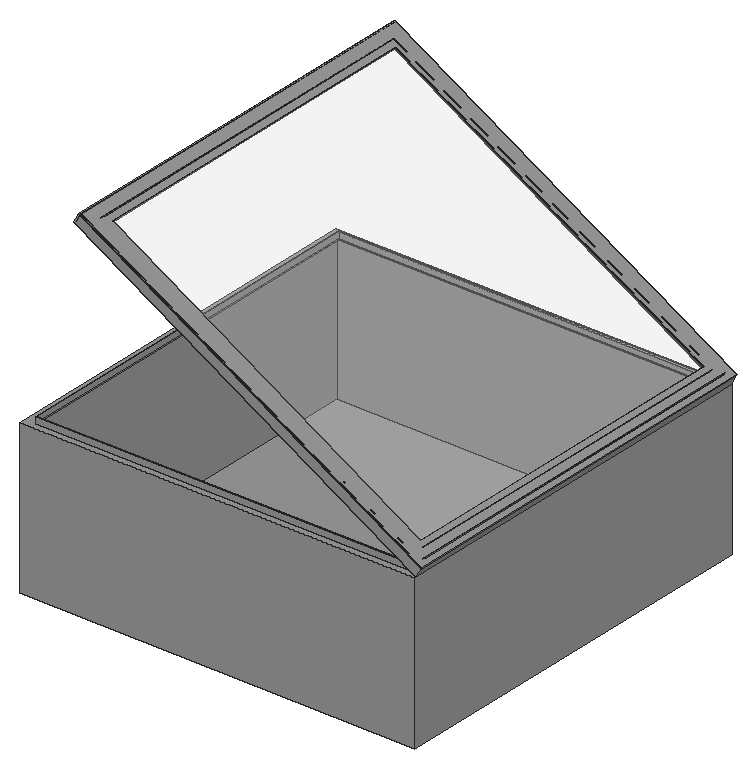
Revit family "Hager-Orion_Inox-IP66-D250-Cl.I-Inox_encl-630A-600mm-CH-de", category Electrical Equipment, host Face, Revit 2020
Family settings
  Host = Face
  Panel Configuration = Two Columns, Circuits Across
  Round Connector Dimension = Use Diameter
  Part Type = Panelboard
  Cut with Voids When Loaded = No
  Shared = No
  Room Calculation Point = No
Parameters (values of type "Aufputz IP66 B600 H600 T250  - FL029TWL")
  Width Control [instance] = if([EF000008 - Breite] > Min Width, [EF000008 - Breite], Min Width)  # 600 mm
  Type Comments = [HG000003 - Bereich]  # "Orion Inox"
  Thickness Door [instance] = if([EF009171 - Materialstärke Tür/Deckel] > 3 mm, 3 mm, [EF009171 - Materialstärke Tür/Deckel])  # 1.5 mm
  Seal Frame Offset [instance] = 17 mm  # constant formula
  Model = ""
  Min Width [instance] = 100 mm  # constant formula
  Min Height [instance] = 100 mm  # constant formula
  Min Depth [instance] = (2 * [EF009170 - Materialstärke Gehäuse]) + 1 mm  # 4 mm
  Internal Frame Depth [instance] = (Door System Depth * 0.5)  # 9 mm
  Height Control [instance] = if([EF000040 - Höhe] > Min Height, [EF000040 - Höhe], Min Height)  # 600 mm
  HG000027 - Sockelhöhe = 0 mm
  HG000026 - Stehend auf dem Boden = no
  HG000024 - Höhe des unteren Teils = 800 mm
  HG000023 - Gehäuse mit doppeltem Querschnitt = no
  HG000016 - 3D-Türsichtbarkeit [instance] = yes
  HG000015 - Sichtbarkeit der Türöffnung [instance] = no
  HG000014 - Tür rechts [instance] = yes
  HG000013 - Tür links [instance] = not([HG000014 - Tür rechts])  # no
  HG000012 - Türschwenkwinkel [instance] = 30.00°
  HG000010 - Asymmetrische Türen = no
  HG000009 - Doppelflügeligen Tür = no
  HG000006 - Unterputz = no
  HG000004 - Herstellerreferenz = "FL029TWL"
  HG000003 - Bereich = "Orion Inox"
  HG000002 - Mit tür = yes
  Frame Offset Bottom [instance] = 10 mm  # constant formula
  Frame Offset [instance] = 15 mm  # constant formula
  EF015940 - Deckel mit Überdruckentlastung = no
  EF011959 - Schutzart (NEMA) = ""
  EF009554 - Anzahl der Öffnungen für Flanschplatten = 0
  Manufacturer = "Hager"  # constant formula
  EF009212 - Ausführung Deckel = "EV000116 - geschlossen"
  EF009171 - Materialstärke Tür/Deckel = 1.5 mm
  EF009170 - Materialstärke Gehäuse = 1.5 mm
  EF008873 - Nennstrom (In) = 630 A
  EF007800 - Geeignet für Blitzschutz = no
  EF006306 - Mit Schloss = yes
  EF006244 - Transparenter Deckel/Tür = yes
  EF005474 - Schutzart (IP) = "EV006422 - IP66"
  EF004464 - Art der Tür = "EV002646 - Einzel"
  EF004427 - Anzahl der Module = 0
  EF004293 - Schlagfestigkeit = "EV006814 - IK08"
  EF003532 - Geeignet für Außengebrauch = yes
  EF002950 - Breite in Teilungseinheiten = 0
  EF001613 - Funktionserhalt = "EV000494 - ohne"
  EF001596 - Werkstoff des Gehäuses = "EV000166 - rostfreier Stahl"
  EF001131 - Innentiefe = 216 mm
  EF001088 - Anbaumöglichkeit = yes
  EF000437 - Anzahl der Leitungseinführungen = 0
  EF000339 - Art der Abdeckung = "EV004216 - Tür"
  EF000266 - Anzahl der Reihen = 0
  EF000218 - Einbautiefe = 0 mm
  EF000118 - Mit Montageplatte = no
  EF000116 - RAL-Nummer = ""
  EF000049 - Tiefe = 250 mm
  EF000040 - Höhe = 600 mm
  EF000008 - Breite = 600 mm
  EF000007 - Farbe = "EV000154 - sonstige"
  EF000003 - Montageart = "EV000384 - Aufputz"
  Door System Leaf Tolerance [instance] = 1.5 mm  # constant formula
  Door System Depth [instance] = 18 mm  # constant formula
  Depth Control [instance] = if([EF000049 - Tiefe] > Min Depth, [EF000049 - Tiefe], Min Depth)  # 250 mm
  Default Elevation = 0 mm
Types (4, lengths in mm): name | Width Control | HG000004 - Herstellerreferenz | EF009212 - Ausführung Deckel | EF006306 - Mit Schloss | EF006244 - Transparenter Deckel/Tür | EF004293 - Schlagfestigkeit | EF001613 - Funktionserhalt | EF000008 - Breite
  Aufputz IP66 B400 H600 T250  - FL029BW | 400 | "FL029BW" | "EV009916 - mit Ausschnitt" | no | no | "EV008784 - IK10" | "" | 400
  Aufputz IP66 B600 H600 T250  - FL029BWL | 600 | "FL029BWL" | "EV009916 - mit Ausschnitt" | no | no | "EV008784 - IK10" | "" | 600
  Aufputz IP66 B600 H600 T250  - FL029TW | 600 | "FL029TW" | "EV000116 - geschlossen" | yes | yes | "EV006814 - IK08" | "EV000494 - ohne" | 600
  Aufputz IP66 B600 H600 T250  - FL029TWL | 600 | "FL029TWL" | "EV000116 - geschlossen" | yes | yes | "EV006814 - IK08" | "EV000494 - ohne" | 600
Reference planes
  plane 1 "Center (Front/Back)": y = 0
  plane 2: z = 0
  plane 3 "Center (Left/Right)": x = 0
  plane 4: z = 250
  plane 5: y = 1.5
  plane 6: y = 300
  plane 7: y = 0
  plane 8: y = 600
  plane 9: z = 0
  plane 10: x = -285
  plane 11: x = 285
  plane 12: x = 283.5
  plane 13: x = -283.5
  plane 14: y = 598.5
  plane 15: x = -283
  plane 16: x = -300
  plane 17: x = 283
  plane 18: x = 300
  plane 19: x = 298.5
  plane 20: x = -298.5
  plane 21: y = 11.5
  plane 22: y = 600
  plane 23: y = 583.5
  plane 24: z = 232
  plane 25: z = 1.5
  plane 26: z = 230.5
  plane 27: z = 248.5
Forms (mm)
  Extrusion 1, solid, material "Hager_Stainless_Steel", detail levels medium+fine
    sketch origin (0, 0, 0) x (1, 0, 0) y (0, 1, 0)
      loop
        line (-300, 0) -> (300, 0) -> (300, 600) -> (-300, 600) -> (-300, 0)
    from 0 to 232
  Extrusion 2, solid, material "Hager_Steel_RAL 7035_Light_Grey", not visible, detail levels medium+fine
    sketch origin (0, 28.16, 50.802) x (0, 1, 0) y (0, 0, 1)
      loop
        line (323.34, -50.802) -> (323.34, 187.698)
        arc (323.34, 187.698) -> (320.411, 194.769) -> (313.34, 197.698) r 10
        line (313.34, 197.698) -> (283.34, 197.698) -> (283.34, -50.802) -> (323.34, -50.802)
    from -298.5 to 298.5
  Extrusion 3, void
    sketch origin (0, 0, 0) x (1, 0, 0) y (0, 1, 0)
      loop
        line (-298.5, 1.5) -> (298.5, 1.5) -> (298.5, 598.5) -> (-298.5, 598.5) -> (-298.5, 1.5)
    from 1.5 to 230.5
  Extrusion 4, void
    sketch origin (-381.607, -4572, 232) x (0, -1, 0) y (-1, 0, 0)
      loop
        line (-4583.5, -98.107) -> (-5155.5, -98.107) -> (-5155.5, -665.107) -> (-4583.5, -665.107) -> (-4583.5, -98.107)
    from 0 to 1.5 <- "EF009170 - Materialstärke Gehäuse"
  Extrusion 5, solid, material "Hager_Stainless_Steel", detail levels fine
    sketch origin (-381.607, -4572, 232) x (-1, 0, 0) y (0, -1, 0)
      loop
        line (-98.107, -4583.5) -> (-665.107, -4583.5) -> (-665.107, -5155.5) -> (-98.107, -5155.5) -> (-98.107, -4583.5)
      loop
        line (-97.107, -4582) -> (-666.107, -4582) -> (-666.107, -5157) -> (-97.107, -5157) -> (-97.107, -4582)
    from 0 to 9 <- "Internal Frame Depth"
  Extrusion 6, solid, material "Hager_Stainless_Steel", detail levels coarse
    sketch origin (0, 0, 0) x (1, 0, 0) y (0, 1, 0)
      loop
        line (-300, 0) -> (300, 0) -> (300, 600) -> (-300, 600) -> (-300, 0)
    from 0 to 250
Cuts and joins
  Extrusion 3, Extrusion 4 cuts Extrusion 1
Lines and regions (mm)
  Masking region 1
    outline origin (0, 0, 0) x (1, 0, 0) y (0, 0, 1)
      loop
        line (-300, 250) -> (-300, 0) -> (300, 0) -> (300, 250) -> (-300, 250)
  Masking region 2, detail levels medium+fine
    outline origin (0, 140, 0) x (0, 1, 0) y (0, 0, 1)
      loop
        line (-140, 0) -> (460, 0) -> (460, 232) -> (-140, 232) -> (-140, 0)
  Masking region 3, not visible, detail levels medium+fine
    outline origin (0, 297.922, 0) x (0, 1, 0) y (0, 0, 1)
      loop
        line (13.578, 0) -> (53.578, 0) -> (53.578, 238.5)
        arc (53.578, 238.5) -> (50.649, 245.571) -> (43.578, 248.5) r 10
        line (43.578, 248.5) -> (13.578, 248.5) -> (13.578, 0)
  Masking region 4, detail levels coarse
    outline origin (0, 0, 180) x (0, 1, 0) y (0, 0, 1)
      loop
        line (0, -180) -> (600, -180) -> (600, 70) -> (0, 70) -> (0, -180)
  Masking region 5
    outline origin (-381.607, -4572, 232) x (-1, 0, 0) y (0, -1, 0)
      loop
        line (-81.607, -5172) -> (-81.607, -4572) -> (-681.607, -4572) -> (-681.607, -5172) -> (-81.607, -5172)
Dimensions and locks
  "Depth Control": plane 4 to host face
  "EF009170 - Materialstärke Gehäuse": plane 5 to plane 7
  locked: connector elem to plane 3 "Center (Left/Right)"
  equal spacing: plane 8, plane 6, plane 7
  locked: connector elem to plane 6
  "EF009170 - Materialstärke Gehäuse": plane 8 to plane 14
  "EF009170 - Materialstärke Gehäuse": plane 10 to plane 13
  "EF009170 - Materialstärke Gehäuse": plane 12 to plane 11
  "Frame Offset": plane 20 to plane 13
  "Frame Offset": plane 12 to plane 19
  "EF009170 - Materialstärke Gehäuse": plane 16 to plane 20
  "EF009170 - Materialstärke Gehäuse": plane 19 to plane 18
  "Seal Frame Offset": plane 16 to plane 15
  "Seal Frame Offset": plane 17 to plane 18
  "Frame Offset Bottom": plane 21 to plane 5
  "Frame Offset": plane 14 to plane 23
  equal spacing: plane 16, plane 3 "Center (Left/Right)", plane 18
  "Width Control": plane 16 to plane 18
  "EF009170 - Materialstärke Gehäuse": plane 4 to plane 27
  "EF009170 - Materialstärke Gehäuse": plane 24 to plane 26
  "EF009170 - Materialstärke Gehäuse": plane 25 to level
  "Door System Depth": plane 4 to plane 24
  "Height Control": plane 1 "Center (Front/Back)" to Extrusion 6 sketch curve
  "Height Control": Masking region 4 sketch curve to plane 1 "Center (Front/Back)"
  "Thickness Door": Extrusion 5 sketch curve to plane 15
  "Thickness Door": plane 21 to Extrusion 5 sketch curve
  "Thickness Door": plane 17 to Extrusion 5 sketch curve
  "Thickness Door": Extrusion 5 sketch curve to plane 23
  "Height Control": plane 1 "Center (Front/Back)" to plane 22
  radius of Masking region 3 sketch curve = 10 mm
  radius of Extrusion 2 sketch curve = 10 mm
  aligned and locked: plane 2 to host face
  aligned and locked: level to host face
  aligned and locked: level to Masking region 1 sketch curve
  aligned and locked: Masking region 1 sketch curve to plane 18
  aligned and locked: Masking region 1 sketch curve to plane 16
  aligned and locked: plane 7 to Masking region 2 sketch curve
  aligned and locked: level to Masking region 3 sketch curve
  aligned and locked: Masking region 3 sketch curve to plane 27
  aligned and locked: level to Masking region 2 sketch curve
  aligned and locked: Extrusion 1 sketch curve to plane 7
  aligned and locked: plane 16 to Extrusion 1 sketch curve
  aligned and locked: plane 18 to Extrusion 1 sketch curve
  aligned and locked: Extrusion 2 sketch curve to level
  aligned and locked: plane 27 to Extrusion 2 sketch curve
  aligned and locked: plane 20 to Extrusion 2
  aligned and locked: plane 19 to Extrusion 2
  aligned and locked: plane 20 to Extrusion 3 sketch curve
  aligned and locked: plane 19 to Extrusion 3 sketch curve
  aligned and locked: Extrusion 3 sketch curve to plane 5
  aligned and locked: Extrusion 3 to plane 25
  aligned and locked: plane 26 to Extrusion 3
  aligned and locked: plane 24 to Extrusion 1
  aligned and locked: Extrusion 4 sketch curve to plane 21
  aligned and locked: Extrusion 4 sketch curve to plane 13
  aligned and locked: Extrusion 4 sketch curve to plane 12
  aligned and locked: plane 18 to Extrusion 6 sketch curve
  aligned and locked: plane 1 "Center (Front/Back)" to Extrusion 6 sketch curve
  aligned and locked: plane 16 to Extrusion 6 sketch curve
  aligned and locked: plane 4 to Extrusion 6
  aligned and locked: Extrusion 6 to level
  aligned and locked: level to Masking region 4 sketch curve
  aligned and locked: Masking region 4 sketch curve to plane 1 "Center (Front/Back)"
  aligned and locked: Masking region 4 sketch curve to plane 4
  aligned and locked: nested 1 to level
  aligned and locked: nested 1 to plane 16
  aligned and locked: plane 8 to Extrusion 1 sketch curve
  aligned and locked: plane 23 to Extrusion 4 sketch curve
  aligned and locked: plane 14 to Extrusion 3 sketch curve
  aligned and locked: Extrusion 5 sketch curve to plane 21
  aligned and locked: plane 13 to Extrusion 5 sketch curve
  aligned and locked: plane 23 to Extrusion 5 sketch curve
  aligned and locked: plane 12 to Extrusion 5 sketch curve
  aligned and locked: Masking region 2 sketch curve to plane 8
  aligned and locked: Masking region 2 sketch curve to plane 24
  aligned and locked: nested 2 to plane 3 "Center (Left/Right)"
  aligned and locked: nested 2 to plane 24
  aligned and locked: Masking region 5 sketch curve to plane 1 "Center (Front/Back)"
  aligned and locked: Masking region 5 sketch curve to plane 18
  aligned and locked: Masking region 5 sketch curve to plane 22
  aligned and locked: Masking region 5 sketch curve to plane 16
  aligned and locked: plane 8 to plane 22
  aligned and locked: plane 7 to plane 1 "Center (Front/Back)"
  aligned and locked: nested 2 to plane 1 "Center (Front/Back)"
Automatic sketch dimensions
  host sketch curve to host sketch curve = 1469.727 mm
  host sketch curve to host sketch curve = 2116.445 mm
  plane 6 to Masking region 3 sketch curve = 11.5 mm
  Masking region 3 sketch curve to Masking region 3 sketch curve = 30 mm
  plane 6 to Extrusion 2 sketch curve = 11.5 mm
  Extrusion 2 sketch curve to Extrusion 2 sketch curve = 30 mm
  Masking region 1 sketch curve to plane 4 = 0 mm
Nested families
  nested 1: "Hager_Enclosure_Symbol" at (-300, 0, 0) x (1, 0, 0) z (0, -1, 0), Height <- "Depth Control", Width <- "Width Control", type "Hager_Enclosure_Symbol"
    with Width_Ctrl 600 mm, Width 600 mm, Height_Ctrl 250 mm, Height 250 mm, A_Width_Int 16.406 mm, A_Width 196.875 mm, A_Height_Ctrl 218.75 mm, A_Height 218.75 mm
  nested 2: "EC000058_OrionInox_Door" at (0, 600, 232) x (1, 0, 0) z (0, -1, 0), Leaf_Tolerance <- "Door System Leaf Tolerance", Angle <- "HG000012 - Türschwenkwinkel", Door_Depth <- "Door System Depth", Door_Left <- "HG000013 - Tür links", Transparent <- "EF006244 - Transparenter Deckel/Tür", Assymetrical <- "HG000010 - Asymmetrische Türen", Width <- "Width Control", Clearance <- "HG000015 - Sichtbarkeit der Türöffnung", Double <- "HG000009 - Doppelflügeligen Tür", 3d_Door <- "HG000016 - 3D-Türsichtbarkeit", Width_Ctrl <- "Width Control", Door_Right <- "HG000014 - Tür rechts", Door <- "HG000002 - Mit tür", Height <- "Height Control", Thickness <- "Thickness Door", type "EC000058_OrionInox_Door", detail levels medium+fine
    with min_wh 4 mm, Width_Ctrl 600 mm, Width 600 mm, Transparent yes, Thickness 1.5 mm, Seal_Material Hager_Rubber, Leaf_Width 600 mm, Leaf_Tolerance_External_Sides 0 mm, Leaf_Tolerance 1.5 mm, Leaf_Offset 0 mm, Leaf_Height 597 mm, Leaf_2_Width 600 mm, Leaf_2_Offset 300 mm, Leaf_1_Width 600 mm, Leaf_1_Offset 300 mm, Height_Ctrl 600 mm, Height 600 mm, Glass_Material Hager_Glass, Double_Clearance_Ctrl no, Double no, Door_Right_Ctrl yes, Door_Right yes, Door_Material Hager_Stainless_Steel, Door_Left_Ctrl no, Door_Left no, Door_Depth 18 mm, Door yes, Clearance_Material Hager_Clearance, Clearance_Depth 600 mm, Clearance_Ctrl no, Clearance no, Assymetrical no, Angle 30.00°, 3d_Door yes
Connectors
  electrical at (0, 300, 0)
    settings: on plane 9, index 1, voltage 0 V, apparent load 0 VA, apparent load phase1 0 VA, apparent load phase2 0 VA, apparent load phase3 0 VA, power factor 1, load classification "Other", number of poles 1, system type 30, power factor state 1, is connector primary yes, connector utility no, sub classification motor no, connector description ""
Definition of nested family "EC000058_OrionInox_Door"
  Parameters (values of type "EC000058_OrionInox_Door")
    min_wh [instance] = (2 * Thickness) + 1 mm  # 11 mm
    Width_Ctrl [instance] = 400 mm
    Width [instance] = 500 mm
    Transparent [instance] = yes
    Thickness [instance] = 5 mm
    Seal_Material [instance] = none
    Leaf_Width [instance] = if((Width_Ctrl - 2 * Leaf_Tolerance_External_Sides) > 0 mm, (Width_Ctrl - 2 * Leaf_Tolerance_External_Sides), min_wh)  # 400 mm
    Leaf_Tolerance_External_Sides [instance] = 0 mm  # constant formula
    Leaf_Tolerance [instance] = 1.5 mm
    Leaf_Offset [instance] = 0 mm  # constant formula
    Leaf_Height [instance] = if((Height_Ctrl - 2 * Leaf_Tolerance) > 0 mm, (Height_Ctrl - 2 * Leaf_Tolerance), min_wh)  # 497 mm
    Leaf_2_Width [instance] = if(and(and(Double, Assymetrical), Door_Left), (Leaf_Width / 3) - (Leaf_Tolerance / 2), if(and(and(Double, Assymetrical), Door_Right), (Leaf_Width / 3) * 2 - (Leaf_Tolerance / 2), if(and(Double, not(Assymetrical)), (Leaf_Width / 2) - Leaf_Tolerance, Leaf_Width)))  # 400 mm
    Leaf_2_Offset [instance] = if(and(Double, Assymetrical), Leaf_2_Width / 2, if(and(Double, not(Assymetrical)), Leaf_Width / 4, Leaf_Width / 2))  # 200 mm
    Leaf_1_Width [instance] = if(and(and(Double, Assymetrical), Door_Right), (Leaf_Width / 3) - (Leaf_Tolerance / 2), if(and(and(Double, Assymetrical), Door_Left), (Width / 3) * 2 - (Leaf_Tolerance / 2), if(and(Double, not(Assymetrical)), (Leaf_Width / 2) - Leaf_Tolerance, Leaf_Width)))  # 400 mm
    Leaf_1_Offset [instance] = if(and(Double, Assymetrical), Leaf_1_Width / 2, if(and(Double, not(Assymetrical)), Leaf_Width / 4, Leaf_Width / 2))  # 200 mm
    Height_Ctrl [instance] = if(Height > min_wh, Height, min_wh)  # 500 mm
    Height [instance] = 500 mm
    Glass_Material [instance] = none
    Double_Clearance_Ctrl [instance] = and(Double, Clearance)  # no
    Double [instance] = no
    Door_Right_Ctrl [instance] = and(or(Door_Right, Double), Door)  # yes
    Door_Right [instance] = yes
    Door_Material [instance] = none
    Door_Left_Ctrl [instance] = and(or(Door_Left, Double), Door)  # no
    Door_Left [instance] = no
    Door_Depth [instance] = 30 mm
    Door [instance] = yes
    Default Elevation = 1219.2 mm
    Clearance_Material [instance] = none
    Clearance_Depth [instance] = if(Leaf_1_Width > Leaf_2_Width, Leaf_1_Width, Leaf_2_Width)  # 400 mm
    Clearance_Ctrl [instance] = and(not(Double), Clearance)  # yes
    Clearance [instance] = yes
    Assymetrical [instance] = yes
    Angle [instance] = 30.00°
    3d_Door [instance] = yes
  Reference planes
    plane 1 "Center (Front/Back)": y = 0
    plane 2 "Bottom": z = 0
    plane 3 "Center (Left/Right)": x = 0
    plane 4: z = 500
    plane 5: x = -200
    plane 6: x = 200
    plane 7: z = 500
    plane 8: x = -200
    plane 9: z = 0
    plane 10: x = 200
    plane 11: y = 0
    plane 12: z = 1.5
    plane 13: x = -600
    plane 14: y = -400
    plane 15: x = 600
    plane 16: x = 0
    plane 17: x = 0
    plane 18: x = -200
    plane 19: x = 200
    plane 20: z = 498.5
  Forms (mm)
    Extrusion 1, solid, material <- "Clearance_Material", visible <- "Double_Clearance_Ctrl"
      sketch origin (1200, 0, 0) x (1, 0, 0) y (0, 0, -1)
        loop
          line (-1800, -498.5) -> (-600, -498.5) -> (-600, 0) -> (-1800, 0) -> (-1800, -498.5)
      from 0 to -400
  Dimensions and locks
    equal spacing: plane 5, plane 3 "Center (Left/Right)", plane 6
    "Width_Ctrl": plane 5 to plane 6
    "Leaf_Offset": plane 5 to plane 8
    "Leaf_Offset": plane 6 to plane 10
    "Leaf_Offset": plane 9 to level
    "Leaf_Offset": plane 4 to plane 7
    "Height_Ctrl": plane 4 to level
    "Leaf_Tolerance": plane 12 to plane 9
    locked: plane 11 to plane 1 "Center (Front/Back)"
    "Leaf_1_Offset": plane 18 to plane 16
    "Leaf_2_Offset": plane 17 to plane 19
    "Leaf_1_Width": plane 13 to plane 8
    "Leaf_2_Width": plane 10 to plane 15
    "Clearance_Depth": plane 14 to plane 1 "Center (Front/Back)"
    "Leaf_Tolerance_External_Sides": plane 8 to plane 18
    "Leaf_Tolerance_External_Sides": plane 19 to plane 10
    "Leaf_Tolerance": plane 7 to plane 20
    aligned and locked: level to plane 2 "Bottom"
    aligned and locked: nested 1 to plane 16
    aligned and locked: nested 2 to plane 17
    aligned and locked: Extrusion 1 to plane 13
    aligned and locked: plane 15 to Extrusion 1
    aligned and locked: Extrusion 1 to plane 14
    aligned and locked: plane 12 to nested 1
    aligned and locked: nested 2 to plane 12
    aligned and locked: Extrusion 1 to plane 11
    aligned and locked: plane 20 to Extrusion 1
    aligned and locked: nested 2 to plane 11
    aligned and locked: nested 1 to plane 11
  Automatic sketch dimensions
    Extrusion 1 sketch curve to level = 0 mm
    plane 5 to Extrusion 1 sketch curve = 400 mm
    plane 6 to Extrusion 1 sketch curve = 400 mm
    Extrusion 1 sketch curve to plane 4 = 1.5 mm
  Nested families
    nested 1: "EC000058_OrionInox_Door_Leaf" at (0, 0, 1.5), Width <- "Leaf_1_Width", visible <- "Door_Left_Ctrl", Leaf_Height <- "Leaf_Height", Angle <- "Angle", 3d_Door <- "3d_Door", Transparent <- "Transparent", Clearance Material <- "Clearance_Material", Clearance <- "Clearance_Ctrl", Door_Material <- "Door_Material", Glass_Material <- "Glass_Material", Door_Depth <- "Door_Depth", Seal_Material <- "Seal_Material", Thickness <- "Thickness", type "EC000058_OrionInox_Door_Leaf"
      with Width 400 mm, Transparent_Ctrl yes, Transparent yes, Thickness 5 mm, Standard no, Seal_Material none, Seal_D2 8 mm, Seal_D1 1 mm, Offset_Internal_Frame 10 mm, Lock_Width 28 mm, Lock_Thickness 2 mm, Lock_Radius 6 mm, Leaf_Height 497 mm, Internal_Seal_Thickness 8 mm, Internal_Seal_Depth_2 4.5 mm, Internal_Frame_Depth 25 mm, Glass_Thickness -1 mm, Glass_Offset -2 mm, Glass_Material none, Door_Material none, Door_Depth 30 mm, Clearance Material none, Clearance yes, Angle_Ctrl 30.00°, Angle 30.00°, 3d_Door yes
    nested 2: "EC000058_OrionInox_Door_Leaf" at (0, 0, 1.5) x (-1, 0, 0) z (0, 0, 1), Width <- "Leaf_2_Width", visible <- "Door_Right_Ctrl", Leaf_Height <- "Leaf_Height", Angle <- "Angle", 3d_Door <- "3d_Door", Transparent <- "Transparent", Clearance Material <- "Clearance_Material", Clearance <- "Clearance_Ctrl", Door_Material <- "Door_Material", Glass_Material <- "Glass_Material", Door_Depth <- "Door_Depth", Seal_Material <- "Seal_Material", Thickness <- "Thickness", type "EC000058_OrionInox_Door_Leaf"
      with Width 400 mm, Transparent_Ctrl yes, Transparent yes, Thickness 5 mm, Standard no, Seal_Material none, Seal_D2 8 mm, Seal_D1 1 mm, Offset_Internal_Frame 10 mm, Lock_Width 28 mm, Lock_Thickness 2 mm, Lock_Radius 6 mm, Leaf_Height 497 mm, Internal_Seal_Thickness 8 mm, Internal_Seal_Depth_2 4.5 mm, Internal_Frame_Depth 25 mm, Glass_Thickness -1 mm, Glass_Offset -2 mm, Glass_Material none, Door_Material none, Door_Depth 30 mm, Clearance Material none, Clearance yes, Angle_Ctrl 30.00°, Angle 30.00°, 3d_Door yes
  Definition of nested family "EC000058_OrionInox_Door_Leaf"
    Parameters (values of type "EC000058_OrionInox_Door_Leaf")
      Width [instance] = 450 mm
      Transparent_Ctrl [instance] = and(Transparent, [3d_Door])  # yes
      Transparent [instance] = yes
      Thickness [instance] = 5 mm
      Standard [instance] = and(not(Transparent), [3d_Door])  # no
      Seal_Material [instance] = none
      Seal_D2 [instance] = 8 mm  # constant formula
      Seal_D1 [instance] = 1 mm  # constant formula
      Offset_Internal_Frame [instance] = 10 mm  # constant formula
      Lock_Width [instance] = Door_Depth - Lock_Thickness  # 28 mm
      Lock_Thickness [instance] = 2 mm  # constant formula
      Lock_Radius [instance] = 6 mm  # constant formula
      Leaf_Height [instance] = 450 mm
      Internal_Seal_Thickness [instance] = 8 mm  # constant formula
      Internal_Seal_Depth_2 [instance] = 4.5 mm  # constant formula
      Internal_Frame_Depth [instance] = if(Door_Depth - Thickness > 5 mm, Door_Depth - Thickness, 5 mm)  # 25 mm
      Glass_Thickness [instance] = if(Thickness > 15 mm, Glass_Offset + 10 mm, -1 mm)  # -1 mm
      Glass_Offset [instance] = if(Thickness > 15 mm, -(Thickness + 10 mm) / 2, -2 mm)  # -2 mm
      Glass_Material [instance] = none
      Door_Material [instance] = none
      Door_Depth [instance] = 30 mm
      Default Elevation = 0 mm
      Clearance Material [instance] = none
      Clearance [instance] = yes
      Angle_Ctrl [instance] = if(Angle > 180.00°, 180.00°, Angle)  # 90.00°
      Angle [instance] = 90.00°
      3d_Door [instance] = yes
    Reference planes
      plane 1 "Center (Front/Back)": y = 0
      plane 2: z = 0
      plane 3 "Center (Left/Right)": x = 0
      plane 4: y = 450
      plane 5: x = -225
      plane 6: x = 225
      plane 7: x = -675
      plane 8: z = 450
      plane 9: z = 30
      plane 10: z = 420
      plane 11: x = 195
      plane 12: x = -195
      plane 13: y = -3
      plane 14: z = 107.833
      plane 15: y = -5
      plane 16: y = -223.314
      plane 17: x = -225
      plane 18: y = 30
    Forms (mm)
      Extrusion 1, solid, material <- "Clearance Material", visible <- "Clearance"
        sketch origin (0, 0, 0) x (1, 0, 0) y (0, 0, 1)
          loop
            line (-675, 450) -> (-675, 0) -> (225, 0) -> (225, 450) -> (-675, 450)
        from 0 to -450
      Extrusion 2, solid, material <- "Door_Material", visible <- "Standard", detail levels medium+fine
        sketch origin (-225, 0, 0) x (0, 1, 0) y (-1, 0, 0)
          loop
            line (0, 30) -> (0, 25) -> (450, 25) -> (450, 30) -> (0, 30)
        from 0 to 450 <- "Leaf_Height"
      Extrusion 3, solid, material <- "Door_Material", visible <- "Transparent_Ctrl", detail levels medium+fine
        sketch origin (-225, 0, 0) x (0, 1, 0) y (-1, 0, 0)
          loop
            line (0, 25) -> (450, 25) -> (450, 30) -> (0, 30) -> (0, 25)
        from 0 to 450 <- "Leaf_Height"
      Extrusion 4, void
        sketch origin (-250, 450, 0) x (0, 1, 0) y (0, 0, -1)
          loop
            line (-30, -420) -> (-30, -30) -> (-420, -30) -> (-420, -420) -> (-30, -420)
        from 0 to 5 <- "Thickness"
      Sweep 5, solid, material <- "Seal_Material", visible <- "Transparent_Ctrl", detail levels fine
        path in 3D
          loop
            line (-250, 30, 30) -> (-250, 30, 420) -> (-250, 420, 420) -> (-250, 420, 30) -> (-250, 30, 30)
        profile origin (-250, 225, 30) x (1, 0, 0) y (0, 0, 1)
          loop
            line (0, 0) -> (0, -8) -> (1, -8) -> (1, 0) -> (0, 0)
      Extrusion 6, solid, material <- "Glass_Material", visible <- "Transparent_Ctrl", detail levels medium+fine
        sketch origin (-255, 0, 0) x (0, 1, 0) y (0, 0, -1)
          loop
            line (420, -420) -> (420, -30) -> (30, -30) -> (30, -420) -> (420, -420)
        from -2 <- "Glass_Offset" to -1 <- "Glass_Thickness"
      Extrusion 7, solid, material <- "Door_Material", visible <- "3d_Door", detail levels medium+fine
        sketch origin (-250, 450, 0) x (0, -1, 0) y (0, 0, -1)
          loop
            line (0, -450) -> (450, -450) -> (450, 0) -> (0, 0) -> (0, -450)
          loop
            line (445, -5) -> (5, -5) -> (5, -445) -> (445, -445) -> (445, -5)
        from 0 to 25 <- "Internal_Frame_Depth"
      Sweep 8, solid, material <- "Seal_Material", visible <- "Transparent_Ctrl", detail levels fine
        path in 3D
          loop
            line (-250, 0, 0) -> (-250, 450, 0) -> (-250, 450, 450) -> (-250, 0, 450) -> (-250, 0, 0)
        profile origin (-250, 0, 225) x (1, 0, 0) y (0, 1, 0)
          loop
            line (0, 10) -> (2.975, 10)
            arc (2.975, 10) -> (4.053, 10.447) -> (4.5, 11.525) r 1.525
            line (4.5, 11.525) -> (4.5, 16.527)
            arc (4.5, 16.527) -> (4.069, 17.569) -> (3.027, 18) r 1.473
            line (3.027, 18) -> (0, 18) -> (0, 10)
    Cuts and joins
      Extrusion 4 cuts Extrusion 3
    Lines and regions (mm)
      Masking region 1, detail levels medium+fine
        outline origin (0, 0, 0) x (0, 1, 0) y (0, 0, 1)
          loop
            line (0, 0) -> (30, 0) -> (30, 450) -> (0, 450) -> (0, 0)
      Masking region 2, detail levels medium+fine
        outline origin (0, 0, 0) x (1, 0, 0) y (0, 0, 1)
          loop
            line (-225, 450) -> (-225, 0) -> (225, 0) -> (225, 450) -> (-225, 450)
      symbolic lines
        curve 1: line (225, 0, 0) -> (-675, 0, 0)
        curve 2: arc (225, 0, 0) -> (-225, 450, 0) -> (-675, 0, 0) r 450
        curve 4: line (-255, 0, 0) -> (-255, 450, 0)
      reference lines
        curve 3: line (-225, 0, 0) -> (-225, 450, 0)
      symbolic lines, detail levels medium+fine
        curve 5: line (-255, 450, 0) -> (-250, 450, 0)
        curve 7: line (-250, 0, 0) -> (-255, 0, 0)
        curve 8: line (-250, 0, 0) -> (-225, 0, 0)
        curve 9: line (-225, 0, 0) -> (-225, 450, 0)
        curve 10: line (-225, 450, 0) -> (-250, 450, 0)
      symbolic lines, detail levels fine
        curve 6: line (-250, 450, 0) -> (-250, 0, 0)
      sketch lines
        curve 11: line (-250, 0, 450) -> (-250, 0, 0)
        curve 12: line (-250, 450, 0) -> (-250, 0, 0)
        curve 13: line (-250, 450, 450) -> (-250, 450, 0)
        curve 14: line (-250, 0, 450) -> (-250, 450, 450)
        curve 15: line (-250, 420, 30) -> (-250, 30, 30)
        curve 16: line (-250, 30, 30) -> (-250, 30, 420)
        curve 17: line (-250, 420, 420) -> (-250, 420, 30)
        curve 18: line (-250, 30, 420) -> (-250, 420, 420)
      symbolic lines, visible <- "Transparent", detail levels medium+fine
        curve 19: line (-195, 0, 420) -> (195, 0, 420)
        curve 20: line (-195, 0, 30) -> (-195, 0, 420)
        curve 21: line (195, 0, 30) -> (-195, 0, 30)
        curve 22: line (195, 0, 420) -> (195, 0, 30)
    Dimensions and locks
      "Width": plane 1 "Center (Front/Back)" to plane 4
      equal spacing: plane 5, plane 3 "Center (Left/Right)", plane 6
      "Width": plane 5 to plane 6
      "Width": plane 7 to plane 5
      "Leaf_Height": plane 8 to level
      "Width": curve 5 to curve 3
      "Width": curve 3 to curve 3
      plane 8 to plane 10 = 30 mm
      plane 9 to level = 30 mm
      plane 12 to plane 5 = 30 mm
      plane 6 to plane 11 = 30 mm
      Extrusion 4 sketch curve to Extrusion 3 = 30 mm
      Extrusion 3 to Extrusion 4 sketch curve = 30 mm
      Extrusion 1 to Extrusion 4 sketch curve = 30 mm
      curve 3 to Extrusion 4 sketch curve = 30 mm
      Extrusion 4 sketch curve to cut or joined group of Extrusion 3, Extrusion 4 = 30 mm
      cut or joined group of Extrusion 3, Extrusion 4 to Extrusion 6 sketch curve = 30 mm
      cut or joined group of Extrusion 3, Extrusion 4 to Extrusion 4 sketch curve = 30 mm
      "Thickness": curve 6 to curve 4
      "Thickness": Extrusion 7 sketch curve to Extrusion 7 sketch curve  (x4)
      "Door_Depth": curve 4 to curve 3
      "Offset_Internal_Frame": profile plane to Sweep 8 sketch curve
      "Internal_Seal_Thickness": Sweep 8 sketch curve to Sweep 8 sketch curve
      "Internal_Seal_Depth_2": profile plane to Sweep 8 sketch curve
      "Seal_D1": profile plane to Sweep 5 sketch curve
      "Seal_D2": profile plane to Sweep 5 sketch curve
      "Thickness": Extrusion 2 sketch curve to Extrusion 2 sketch curve
      "Door_Depth": plane 18 to plane 1 "Center (Front/Back)"
      radius of Sweep 8 sketch curve = 1.525 mm
      radius of Sweep 8 sketch curve = 1.473 mm
      "Angle_Ctrl": angle plane 1 "Center (Front/Back)" to curve 3
      aligned and locked: level to plane 2
      aligned and locked: Extrusion 1 to curve 1
      aligned and locked: plane 6 to Extrusion 1
      aligned and locked: plane 1 "Center (Front/Back)" to Extrusion 1
      aligned and locked: plane 4 to Extrusion 1
      aligned and locked: plane 8 to Extrusion 1
      aligned and locked: curve 7 to Extrusion 2 sketch curve
      aligned and locked: curve 5 to Extrusion 2 sketch curve
      aligned and locked: curve 7 to Extrusion 3 sketch curve
      aligned and locked: Extrusion 3 sketch curve to curve 4
      aligned and locked: Extrusion 3 sketch curve to curve 6
      aligned and locked: Extrusion 3 sketch curve to curve 5
      aligned and locked: curve 9 to curve 3
      aligned and locked: Extrusion 7 sketch curve to cut or joined group of Extrusion 3, Extrusion 4  (x4)
      aligned and locked: plane 17 to curve 3
      aligned and locked: plane 1 "Center (Front/Back)" to curve 3
      aligned and locked: plane 17 to plane 5
      aligned and locked: Sweep 8 sketch curve to profile plane
      aligned and locked: Sweep 5 sketch curve to profile plane  (x2)
      aligned and locked: plane 1 "Center (Front/Back)" to Masking region 1 sketch curve
      aligned and locked: plane 18 to Masking region 1 sketch curve
      aligned and locked: level to Masking region 1 sketch curve
      aligned and locked: Masking region 1 sketch curve to plane 8
      aligned and locked: plane 17 to Masking region 2 sketch curve
      aligned and locked: level to Masking region 2 sketch curve
      aligned and locked: Masking region 2 sketch curve to plane 8
      aligned and locked: plane 12 to curve 20
      aligned and locked: plane 10 to curve 19
      aligned and locked: plane 11 to curve 22
      aligned and locked: plane 9 to curve 21
      aligned and locked: Extrusion 2 sketch curve to cut or joined group of Extrusion 3, Extrusion 4
    Automatic sketch dimensions
      plane 1 "Center (Front/Back)" to curve 2 = 0 mm
      curve 2 to plane 5 = 0 mm
      Extrusion 1 sketch curve to level = 0 mm
      Extrusion 1 sketch curve to plane 7 = 0 mm
      Extrusion 1 sketch curve to plane 6 = 0 mm
      Extrusion 1 sketch curve to plane 8 = 0 mm
      Extrusion 3 to Extrusion 6 sketch curve = 30 mm  (x4)
      Masking region 2 sketch curve to plane 6 = 0 mm
      curve 4 to curve 3 = 0 mm
Definition of nested family "Hager_Enclosure_Symbol"
  Parameters (values of type "Hager_Enclosure_Symbol")
    Width_Ctrl [instance] = if(Width > 1 mm, Width, 1 mm)  # 102.27 mm
    Width [instance] = 102.27 mm
    Height_Ctrl [instance] = if(Height > 1 mm, Height, 1 mm)  # 66.5 mm
    A_Width_Int [instance] = if(A_Width / 12 > 2 mm, A_Width / 12, 2 mm)  # 4.364 mm
    A_Width [instance] = if(A_Height_Ctrl * 0.9 > 2 mm, A_Height_Ctrl * 0.9, 2 mm)  # 52.369 mm
    A_Height_Ctrl [instance] = if(A_Height > 2 mm, A_Height, 2 mm)  # 58.188 mm
    Height [instance] = 66.5 mm
    A_Height [instance] = Height - (Height / 8)  # 58.188 mm
  Reference planes
    plane 1 "Centre (avant/arrière)": y = 0
    plane 2: z = 0
    plane 3 "Centre (gauche/droite)": x = 0
    plane 4: x = 52.369
    plane 5: y = 33.042
    plane 6: y = 41.77
    plane 7: y = 66.5
    plane 8: x = 26.184
    plane 9: y = 37.406
    plane 10: x = 102.27
    plane 11: y = 66.5
    plane 12: y = 8.313
  Lines and regions (mm)
    Filled region 1, type "Solid_Black", in view "Niveau de réf."
      outline origin (0, 0, 0) x (1, 0, 0) y (0, 1, 0)
        loop
          line (52.369, 66.5) -> (33.188, 54.536) -> (45.365, 45.006) -> (52.369, 66.5)
    Filled region 2, type "Solid_Black", in view "Niveau de réf."
      outline origin (0, 0, 0) x (1, 0, 0) y (0, 1, 0)
        loop
          line (0, 0) -> (102.27, 0) -> (102.27, 66.5) -> (0, 0)
    detail lines, in view "Niveau de réf."
      curve 1: line (0, 8.313, 0) -> (26.184, 41.77, 0)
      curve 2: line (26.184, 41.77, 0) -> (26.184, 33.042, 0)
      curve 3: line (26.184, 33.042, 0) -> (52.369, 66.5, 0)
  Dimensions and locks
    "A_Width": plane 3 "Centre (gauche/droite)" to plane 4
    equal spacing: plane 3 "Centre (gauche/droite)", plane 8, plane 4
    equal spacing: plane 6, plane 9, plane 5
    equal spacing: curve 3, Filled region 1 sketch curve, Filled region 1 sketch curve
    "Height_Ctrl": plane 1 "Centre (avant/arrière)" to plane 11
    "A_Height_Ctrl": plane 11 to plane 12
    equal spacing: plane 11, plane 9, plane 12
    "A_Width_Int": plane 6 to plane 9
    "Width_Ctrl": plane 3 "Centre (gauche/droite)" to plane 10
    angle Filled region 1 sketch curve to curve 3 = 20.00°
    angle curve 3 to Filled region 1 sketch curve = 20.00°
    locked: curve 3 to Filled region 1 sketch curve (angle 90.00°)
    aligned and locked: plane 10 to Filled region 2
    aligned and locked: plane 11 to Filled region 2 sketch curve
    aligned and locked: plane 10 to Filled region 2 sketch curve
    aligned and locked: plane 3 "Centre (gauche/droite)" to curve 1
    aligned and locked: plane 12 to curve 1
    aligned and locked: plane 7 to plane 11
  Automatic sketch dimensions
    Filled region 1 sketch curve to plane 4 = 0 mm
    Filled region 1 sketch curve to plane 7 = 0 mm
    plane 1 "Centre (avant/arrière)" to Filled region 2 sketch curve = 0 mm
    Filled region 2 sketch curve to plane 3 "Centre (gauche/droite)" = 0 mm
    curve 2 to plane 6 = 0 mm
    curve 2 to plane 8 = 0 mm
    curve 3 to plane 4 = 0 mm
    curve 2 to plane 5 = 0 mm
    curve 3 to plane 7 = 0 mm
